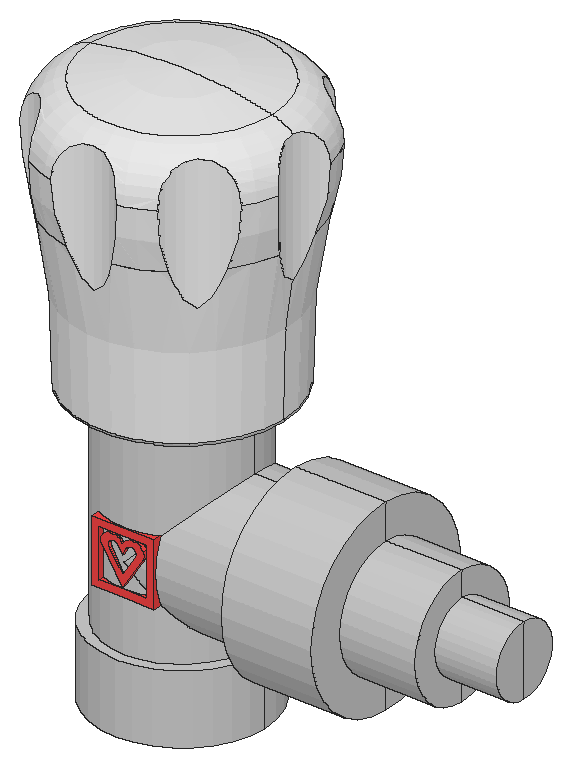
Revit family "GP Radiator Control Valve Angle Model 5524", category Rohrzubehör, Revit 2019
Family settings
  Bemaßung runder Anschluss = Durchmesser verwenden
  Teiletyp = Unterbricht
  OmniClass-Nummer = 23.65.55.14
  OmniClass-Titel = Valves for Liquid Services
  Arbeitsebenenbasiert = Nein
  Immer vertikal = Ja
  Beim Laden mit Abzugskörper schneiden = Nein
  Gemeinsam genutzt = Nein
Parameters
  URL = "www.herzvalves.com"
  SCRNSEQ = "ARM;ARM_TYP=\"ALLF\";2"
  SCRNCODE = "05;00;02"  # constant formula
  S04 = 45.000 mm  # constant formula
  S03 [instance] = H02 - 5.000 mm + 41.000 mm  # 60.000 mm
  S02 [instance] = L04 + L03 - L02  # 25.500 mm
  S01 = 10.000 mm  # constant formula
  Part number [instance] = size_lookup("5524_", "Artnr", 0, Nennweite)  # 1552420
  Nennweite [instance] = 10.000 mm
  Model = "These universal models are nickel-plated and equipped with special sockets for threaded pipe and compression union connections."
  Medium = "Hot water quality according to Austrian standard ÖNORM H 5195 and/or VDI guideline 2035."
  Max. operating temperature = 110 °C  # constant formula
  Max. operating pressure = 1000000.0 Pa  # constant formula
  LO1 [instance] = R01 - 0.500 mm  # 10.000 mm
  L04 [instance] = size_lookup("5524_", "L4", 1.000 mm, Nennweite)  # 20.000 mm
  L03 [instance] = size_lookup("5524_", "L3", 1.000 mm, Nennweite)  # 13.000 mm
  L02 [instance] = size_lookup("5524_", "L2", 1.000 mm, Nennweite)  # 7.500 mm
  L01 [instance] = size_lookup("5524_", "L1", 1.000 mm, Nennweite)  # 24.000 mm
  Hersteller = "HERZ Armaturen Ges.m.b.H."  # constant formula
  Hand wheel = "plastic, white"  # constant formula
  H03 [instance] = size_lookup("5524_", "H3", 1.000 mm, Nennweite)  # 10.000 mm
  H02 [instance] = size_lookup("5524_", "H2", 1.000 mm, Nennweite)  # 24.000 mm
  H01 [instance] = size_lookup("5524_", "H1", 1.000 mm, Nennweite)  # 22.000 mm
  GT1 [instance] = size_lookup("5524_", "GT1", 1.000 mm, Nennweite)  # 9.000 mm
  GT [instance] = size_lookup("5524_", "GT", 1.000 mm, Nennweite)  # 9.500 mm
  G2 [instance] = Nennweite / 2  # 5.000 mm
  G1 [instance] = Nennweite / 2  # 5.000 mm
  R01 = 10.500 mm  # constant formula
  D05 [instance] = size_lookup("5524_", "D5", 1.000 mm, Nennweite)  # 8.500 mm
  D04 [instance] = size_lookup("5524_", "D4", 1.000 mm, Nennweite)  # 13.500 mm
  D03 [instance] = R01  # 10.500 mm
  D02 [instance] = size_lookup("5524_", "D2", 1.000 mm, Nennweite)  # 7.940 mm
  D01 [instance] = size_lookup("5524_", "D1", 1.000 mm, Nennweite)  # 12.000 mm
  Body = "nickel-plated"  # constant formula
Reference planes
  plane 1 "Mitte (Vorne/hinten)": y = 0
  plane 2: z = 0
  plane 3 "Mitte (Links/rechts)": x = 0
Forms (mm)
  Revolve 1, solid, material "Messing, weicher Gelbton, geschweißt", detail levels fine
    sketch origin (0, 0, 0) x (1, 0, 0) y (0, 0, 1)
      loop
        line (0, 24) -> (-10.5, 24) -> (-10.5, -12) -> (-12, -12) -> (-12, -22) -> (-5, -22) -> (-5, -12.5) -> (0, -12.5) -> (0, 24)
      axis (0, 24) -> (0, -22)
    angle from 0 to 360
  Revolve 2, solid, material "Messing, weicher Gelbton, geschweißt", detail levels fine
    sketch origin (0, 0, 0) x (1, 0, 0) y (0, 0, 1)
      loop
        line (0, 0) -> (24, 0) -> (24, 7.94) -> (16.5, 7.94) -> (16.5, 10.5) -> (0, 10.5) -> (0, 0)
      axis (0, 0) -> (24, 0)
    angle from 0 to 360
  Revolve 3, solid, material "Messing, weicher Gelbton, geschweißt", detail levels fine
    sketch origin (-1, 0, 0) x (1, 0, 0) y (0, 0, 1)
      loop
        line (25, 0) -> (50.5, 0) -> (50.5, 5) -> (41.5, 5) -> (41.5, 8.5) -> (30.5, 8.5) -> (30.5, 13.5) -> (17.5, 13.5) -> (17.5, 7.94) -> (25, 7.94) -> (25, 0)
      axis (17.5, 0) -> (50.5, 0)
    angle from 0 to 360
Lines and regions (mm)
  model lines, detail levels coarse+medium
    curve 1: line (0, 0, 0) -> (12, 0, -22)
    curve 2: line (12, 0, -22) -> (-12, 0, -22)
    curve 3: line (-12, 0, -22) -> (0, 0, 0)
    curve 4: line (0, 0, 0) -> (24, 0, 13.5)
    curve 5: line (24, 0, 13.5) -> (24, 0, -13.5)
    curve 6: line (24, 0, -13.5) -> (0, 0, 0)
    curve 7: line (24, 0, 13.5) -> (34, 0, 13.5)
    curve 8: line (34, 0, 13.5) -> (24, 0, 0)
    curve 9: line (24, 0, -13.5) -> (34, 0, -13.5)
    curve 10: line (34, 0, -13.5) -> (24, 0, 0)
    curve 11: line (24, 0, 0) -> (49.5, 0, 0)
    curve 12: line (0, 0, 0) -> (0, 0, 60)
    curve 13: line (-22.5, 0, 60) -> (22.5, 0, 60)
    curve 14: line (0, 0, 0) -> (0, 60, 0)
    curve 15: line (-22.5, 60, 0) -> (22.5, 60, 0)
    curve 16: line (0, 0, 0) -> (12, -22, 0)
    curve 17: line (12, -22, 0) -> (-12, -22, 0)
    curve 18: line (-12, -22, 0) -> (0, 0, 0)
    curve 19: line (0, 0, 0) -> (24, 13.5, 0)
    curve 20: line (24, 13.5, 0) -> (24, -13.5, 0)
    curve 21: line (24, -13.5, 0) -> (0, 0, 0)
    curve 22: line (24, 13.5, 0) -> (34, 13.5, 0)
    curve 23: line (34, 13.5, 0) -> (24, 0, 0)
    curve 24: line (24, -13.5, 0) -> (34, -13.5, 0)
    curve 25: line (24, 0, 0) -> (34, -13.5, 0)
Dimensions and locks
  "H02": Revolve 1 sketch curve to plane 2
  "H01": plane 2 to Revolve 1 sketch curve
  "R01": Revolve 1 sketch curve to Revolve 1 sketch curve
  "G1": Revolve 1 sketch curve to Revolve 1 sketch curve
  "D01": Revolve 1 sketch curve to Revolve 1 sketch curve
  "GT": Revolve 1 sketch curve to Revolve 1 sketch curve
  "H03": Revolve 1 sketch curve to Revolve 1 sketch curve
  "D02": Revolve 2 sketch curve to Revolve 2 sketch curve
  "D03": Revolve 2 sketch curve to Revolve 2 sketch curve
  "L01": Revolve 2 sketch curve to Revolve 2 sketch curve
  "L02": Revolve 2 sketch curve to Revolve 2 sketch curve
  "H02": nested 1 to plane 2
  "LO1": nested 2 to plane 1 "Mitte (Vorne/hinten)"
  "L02": Revolve 3 sketch curve to Revolve 3 sketch curve
  "L03": Revolve 3 sketch curve to Revolve 3 sketch curve
  "L04": Revolve 3 sketch curve to Revolve 3 sketch curve
  "D04": Revolve 3 sketch curve to Revolve 3 sketch curve
  "G2": Revolve 3 sketch curve to Revolve 3 sketch curve
  "D05": Revolve 3 sketch curve to Revolve 3 sketch curve
  "GT1": Revolve 3 sketch curve to Revolve 3 sketch curve
  "L01": plane 3 "Mitte (Links/rechts)" to Revolve 3 sketch curve
  "D02": Revolve 3 sketch curve to plane 2
  "H01": plane 2 to curve 2
  "L01": curve 5 to plane 3 "Mitte (Links/rechts)"
  "D01": curve 2 to plane 3 "Mitte (Links/rechts)" to curve 3
  "D04": curve 5 to plane 2 to curve 6
  "S01": curve 5 to curve 8
  "S01": curve 5 to curve 10
  "S02": curve 11 to curve 11
  "S03": curve 12 to plane 2
  equal spacing: curve 13, curve 12, curve 13
  "S04": curve 13 to curve 13
  "S04": curve 15 to curve 15
  equal spacing: curve 15, curve 14, curve 15
  "S03": plane 1 "Mitte (Vorne/hinten)" to curve 14
  "H01": curve 17 to plane 1 "Mitte (Vorne/hinten)"
  "D01": curve 18 to plane 3 "Mitte (Links/rechts)" to curve 17
  "L01": plane 3 "Mitte (Links/rechts)" to curve 20
  "D04": curve 21 to plane 1 "Mitte (Vorne/hinten)" to curve 20
  "S01": curve 20 to curve 23
  "S01": curve 20 to curve 25
  aligned and locked: level to plane 2
Automatic sketch dimensions
  curve 12 to plane 3 "Mitte (Links/rechts)" = 0.000 mm
  curve 4 to level = 0.000 mm
  curve 10 to level = 0.000 mm
  curve 8 to level = 0.000 mm
  plane 1 "Mitte (Vorne/hinten)" to curve 16 = 0.000 mm
  curve 16 to plane 3 "Mitte (Links/rechts)" = 0.000 mm
  plane 1 "Mitte (Vorne/hinten)" to curve 23 = 0.000 mm
  Revolve 1 sketch curve to plane 3 "Mitte (Links/rechts)" = 0.000 mm  (x2)
  Revolve 1 sketch curve to Revolve 1 sketch curve = 345.545 mm
  Revolve 1 sketch curve to Revolve 1 sketch curve = 2189.815 mm
  Revolve 2 sketch curve to level = 0.000 mm  (x2)
  Revolve 2 sketch curve to plane 3 "Mitte (Links/rechts)" = 0.000 mm
  Revolve 2 sketch curve to plane 3 "Mitte (Links/rechts)" = 1506.530 mm
  Revolve 2 sketch curve to Revolve 2 sketch curve = 1815.148 mm
  Revolve 3 sketch curve to level = 0.000 mm  (x2)
  Revolve 3 sketch curve to plane 3 "Mitte (Links/rechts)" = 1507.530 mm
  Revolve 3 sketch curve to Revolve 3 sketch curve = 1789.648 mm
Nested families
  nested 1: "Handrad-Heizkörperventile" at (0, 0, 18.5), type "Handrad-Heizkörperventile", detail levels fine
  nested 2: "Herz-Logo-vorne" at (0, -10, 0) x (0, -1, 0) z (0, 0, 1), type "Herz-Logo-vorne", detail levels fine
Connectors
  piping at (0, 0, -12.5), diameter 10, driven by "Nennweite"
    settings: on Revolve 1, index 1, connector inside diameter 609.6 mm, connector length 0.000 mm, flow factor 0, pipe flow 0.0 L/s, pressure drop 0.0 Pa, fitting loss kfactor 0, connector angle 0.00°, fixture units 0, engagement length 0.000 mm, angle of deflection 0.00°, flow configuration 0, flow direction 1, fitting loss method 0, system type 7, joint type 0, gender type 0, connector reference index -1, connector utility 0, adjustable connector no, is connector primary yes, connector description ""
  piping at (49.5, 0, 0), diameter 10, driven by "Nennweite"
    settings: on Revolve 3, index 2, connector inside diameter 609.6 mm, connector length 0.000 mm, flow factor 0, pipe flow 0.0 L/s, pressure drop 0.0 Pa, fitting loss kfactor 0, connector angle 0.00°, fixture units 0, engagement length 0.000 mm, angle of deflection 0.00°, flow configuration 0, flow direction 2, fitting loss method 0, system type 7, joint type 0, gender type 0, connector reference index -1, connector utility 0, adjustable connector no, is connector primary no, connector description ""
Definition of nested family "Handrad-Heizkörperventile"
  Parameters (values of type "Handrad-Heizkörperventile")
    T01 = 5.500 mm  # constant formula
    R01 = 10.500 mm  # constant formula
  Reference planes
    plane 1 "Mitte (Vorne/hinten)": y = 0
    plane 2: z = 0
    plane 3 "Mitte (Links/rechts)": x = 0
  Forms (mm)
    Revolve 1, solid, detail levels fine
      sketch origin (0, 0, 0) x (1, 0, 0) y (0, 0, 1)
        loop
          line (10.5, 0) -> (14.25, 0)
          arc (14.25, 0) -> (14.604, 0.146) -> (14.75, 0.5) r 0.5
          arc (14.75, 0.5) -> (15.098, 12.356) -> (17.195, 24.03) r 80
          arc (17.195, 24.03) -> (18.172, 28.281) -> (18.5, 32.63) r 29
          arc (18.5, 32.63) -> (17.011, 36.946) -> (13.177, 39.426) r 7
          arc (13.177, 39.426) -> (6.637, 40.626) -> (0, 41.028) r 55
          line (0, 41.028) -> (0, 5.5) -> (10.5, 5.5) -> (10.5, 0)
        axis (0, 41.028) -> (0, 0)
      angle from 0 to 360
    Extrusion 2, void
      sketch origin (0, 0, 0) x (1, 0, 0) y (0, 1, 0)
        loop
          arc (-16.011, 9.268) -> (-11.314, 11.314) -> (-9.268, 16.011) r 7
          arc (-9.268, 16.011) -> (-13.081, 13.081) -> (-16.011, 9.268) r 18.5
        loop
          arc (16.011, 9.268) -> (13.081, 13.081) -> (9.268, 16.011) r 18.5
          arc (9.268, 16.011) -> (11.314, 11.314) -> (16.011, 9.268) r 7
        loop
          arc (-16.011, -9.268) -> (-13.081, -13.081) -> (-9.268, -16.011) r 18.5
          arc (-9.268, -16.011) -> (-11.314, -11.314) -> (-16.011, -9.268) r 7
        loop
          arc (16.011, -9.268) -> (11.314, -11.314) -> (9.268, -16.011) r 7
          arc (9.268, -16.011) -> (13.081, -13.081) -> (16.011, -9.268) r 18.5
        loop
          arc (17.953, 4.58) -> (16.078, -0.188) -> (17.953, -4.956) r 7
          arc (17.953, -4.956) -> (18.578, -0.188) -> (17.953, 4.58) r 18.5
        loop
          arc (-17.953, 4.58) -> (-18.578, -0.188) -> (-17.953, -4.956) r 18.5
          arc (-17.953, -4.956) -> (-16.078, -0.188) -> (-17.953, 4.58) r 7
        loop
          arc (-4.58, 17.953) -> (0.188, 16.078) -> (4.956, 17.953) r 7
          arc (4.956, 17.953) -> (0.188, 18.578) -> (-4.58, 17.953) r 18.5
        loop
          arc (-4.58, -17.953) -> (0.188, -18.578) -> (4.956, -17.953) r 18.5
          arc (4.956, -17.953) -> (0.188, -16.078) -> (-4.58, -17.953) r 7
      from 15.609 to 43.011
  Cuts and joins
    Extrusion 2 cuts Revolve 1
  Dimensions and locks
    "R01": Revolve 1 sketch curve to Revolve 1 sketch curve
    Revolve 1 sketch curve to plane 3 "Mitte (Links/rechts)" = 14.750 mm
    "T01": Revolve 1 sketch curve to Revolve 1 sketch curve
    aligned and locked: level to plane 2
  Automatic sketch dimensions
    Extrusion 2 sketch curve to Extrusion 2 sketch curve = 0.000 mm  (x14)
    plane 1 "Mitte (Vorne/hinten)" to Extrusion 2 sketch curve = 0.000 mm
    Extrusion 2 sketch curve to plane 3 "Mitte (Links/rechts)" = 0.000 mm
    Extrusion 2 sketch curve to plane 3 "Mitte (Links/rechts)" = 0.078 mm
    Extrusion 2 sketch curve to plane 3 "Mitte (Links/rechts)" = 16.263 mm  (x2)
    plane 1 "Mitte (Vorne/hinten)" to Extrusion 2 sketch curve = 0.188 mm  (x2)
    Extrusion 2 sketch curve to Extrusion 2 sketch curve = 6.815 mm  (x4)
    plane 3 "Mitte (Links/rechts)" to Extrusion 2 sketch curve = 0.078 mm
    plane 3 "Mitte (Links/rechts)" to Extrusion 2 sketch curve = 0.188 mm  (x2)
    plane 1 "Mitte (Vorne/hinten)" to Extrusion 2 sketch curve = 0.078 mm
    Extrusion 2 sketch curve to Extrusion 2 sketch curve = 0.110 mm  (x2)
    Extrusion 2 sketch curve to plane 1 "Mitte (Vorne/hinten)" = 0.078 mm
    plane 3 "Mitte (Links/rechts)" to Extrusion 2 sketch curve = 16.263 mm  (x2)
    plane 1 "Mitte (Vorne/hinten)" to Extrusion 2 sketch curve = 16.263 mm  (x2)
    Extrusion 2 sketch curve to plane 1 "Mitte (Vorne/hinten)" = 16.263 mm  (x2)
    Extrusion 2 sketch curve to plane 3 "Mitte (Links/rechts)" = 4.580 mm  (x2)
    Extrusion 2 sketch curve to Extrusion 2 sketch curve = 4.688 mm  (x2)
    Extrusion 2 sketch curve to Extrusion 2 sketch curve = 0.252 mm  (x4)
    Extrusion 2 sketch curve to Extrusion 2 sketch curve = 1.942 mm  (x4)
    Extrusion 2 sketch curve to Extrusion 2 sketch curve = 4.312 mm  (x4)
    Revolve 1 sketch curve to plane 3 "Mitte (Links/rechts)" = 0.000 mm  (x2)
    Revolve 1 sketch curve to level = 0.000 mm
    Revolve 1 sketch curve to plane 3 "Mitte (Links/rechts)" = 10.500 mm
    plane 3 "Mitte (Links/rechts)" to Revolve 1 sketch curve = 11.500 mm
    Revolve 1 sketch curve to Revolve 1 sketch curve = 0.500 mm
    level to Revolve 1 sketch curve = 4.086 mm
    Revolve 1 sketch curve to Revolve 1 sketch curve = 79.920 mm
    Revolve 1 sketch curve to level = 13.972 mm
    Revolve 1 sketch curve to Revolve 1 sketch curve = 27.130 mm
    Revolve 1 sketch curve to Revolve 1 sketch curve = 8.398 mm
    Revolve 1 sketch curve to Revolve 1 sketch curve = 0.000 mm
    Revolve 1 sketch curve to Revolve 1 sketch curve = 1.305 mm
    Revolve 1 sketch curve to Revolve 1 sketch curve = 352.073 mm
    Revolve 1 sketch curve to Revolve 1 sketch curve = 2173.287 mm
Definition of nested family "Herz-Logo-vorne"
  Reference planes
    plane 1 "Mitte (Vorne/hinten)": y = 0
    plane 2: z = 0
    plane 3 "Mitte (Links/rechts)": x = 0
  Forms (mm)
    Extrusion 1, solid
      sketch origin (0.732, -0.018, 0.017) x (0, -1, 0) y (0, 0, 1)
        loop
          line (-0.018, -4.517) -> (4.482, -4.517) -> (4.482, 4.483) -> (-4.518, 4.483) -> (-4.518, -4.517) -> (-0.018, -4.517)
        loop
          line (-0.05, -3.48) -> (3.482, -3.48) -> (3.482, 3.483) -> (-3.518, 3.483) -> (-3.518, -3.48) -> (-0.05, -3.48)
        loop
          arc (-0.018, 2.383) -> (-1.543, 3.287) -> (-3.067, 2.383) r 1.738
          arc (-3.067, 2.383) -> (-3.191, 1.899) -> (-3.067, 1.415) r 1.009
          line (-3.067, 1.415) -> (-0.018, -3.281) -> (3.032, 1.415)
          arc (3.032, 1.415) -> (3.156, 1.899) -> (3.032, 2.383) r 1.009
          arc (3.032, 2.383) -> (1.507, 3.287) -> (-0.018, 2.383) r 1.738
        loop
          arc (1.885, 1.272) -> (2.005, 1.675) -> (1.885, 2.079) r 0.74
          arc (1.885, 2.079) -> (1.265, 2.416) -> (0.644, 2.079) r 0.74
          line (0.644, 2.079) -> (-0.018, 0.97) -> (-0.679, 2.079)
          arc (-0.679, 2.079) -> (-1.3, 2.416) -> (-1.921, 2.079) r 0.74
          arc (-1.921, 2.079) -> (-2.04, 1.675) -> (-1.921, 1.272) r 0.74
          line (-1.921, 1.272) -> (-0.018, -1.658) -> (1.885, 1.272)
      from 0 to 1.5
  Dimensions and locks
    aligned and locked: level to plane 2
